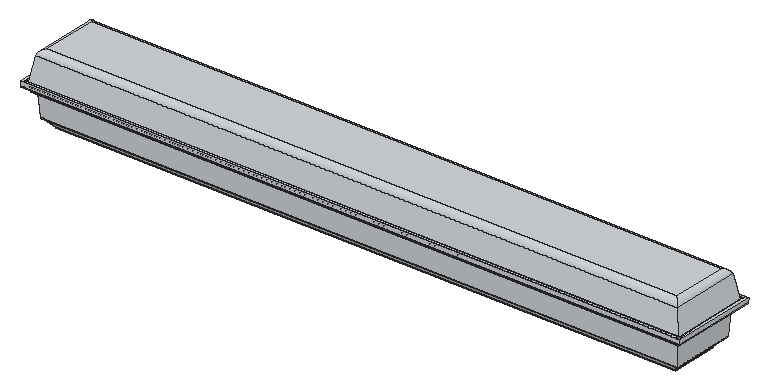
Revit family "Q1", category Lighting Fixtures, host Face, Revit 2025
Family settings
  Host = Face
  Round Connector Dimension = Use Diameter
  Part Type = Normal
  Cut with Voids When Loaded = No
  Light Source = No
  Maintain Annotation Orientation = No
  Shared = No
  Room Calculation Point = No
Parameters (values of type "METALUX 4VT2-LD4-8-DR-UNV-L835-CD1-WL-U")
  Width = 49 13/16"
  URL = "https://www.cooperlighting.com/global/brands/metalux/284381/vt2-led-series/4vt2-ld5-8-dr-unv-l840-cd1-wl-u#BRO"
  Sweep Margin = 3"
  Nominal Width = Width - (Sweep Margin * 2)  # 43 13/16"
  Model = "METALUX 4VT2-LD4-8-DR-UNV-L835-CD1-WL-U"
  Manufacturer = "Cooper Lighting Solutions"
  Height = 6.45575"
  Default Elevation = 48"
  Ballast Voltage = 0 V
  Apparent Power = 0 VA
Reference planes (in)
  plane 1 "Center (Front/Back)": y = 0
  plane 2: z = 0
  plane 3 "Center (Left/Right)": x = 0
  plane 4: y = 0.5
  plane 5: z = 0
  plane 6: x = -19.5047163
  plane 7: x = -16.5268409
  plane 8: y = 0
  plane 9: x = 0
Forms (in)
  Sweep 1, solid, detail levels medium+fine
    path origin (0, -32.2738911, 0) x (1, 0, 0) y (0, 1, 0)
      loop
        line (-21.90625, 32.5238911) -> (-21.90625, 32.0238911) -> (21.90625, 32.0238911) -> (21.90625, 32.5238911) -> (-21.90625, 32.5238911)
    profile origin (0, 0.25, 0) x (0, 1, 0) y (0, 0, 1)
      loop
        line (1.8517777, 2.2280208) -> (0, 2.2280208) -> (0, -2.7744571) -> (0.2770275, -2.7744571) -> (0.5184892, -3.058736) -> (0.5526464, -3.0873973) -> (0.6080021, -3.1002343) -> (1.4023195, -3.1002343)
        arc (1.4023195, -3.1002343) -> (1.4566291, -3.0879562) -> (1.5003753, -3.0535099) r 0.1262521
        line (1.5003753, -3.0535099) -> (1.9422799, -2.5288614) -> (1.977364, -2.5117497)
        arc (1.977364, -2.5117497) -> (2.0626007, -2.4785934) -> (2.1030484, -2.3965652) r 0.1261803
        line (2.1030484, -2.3965652) -> (2.2555141, -0.6536343) -> (2.5283161, -0.6042732) -> (2.5793382, -0.3148419)
        arc (2.5793382, -0.3148419) -> (2.6008914, -0.277474) -> (2.6414339, -0.2627362) r 0.062992
        line (2.6414339, -0.2627362) -> (2.8826411, -0.2627362)
        arc (2.8826411, -0.2627362) -> (2.9252795, -0.2461462) -> (2.9454929, -0.2051013) r 0.0630879
        line (2.9454929, -0.2051013) -> (2.9778753, 0.1681459) -> (2.7854208, 0.1681459)
        arc (2.7854208, 0.1681459) -> (2.7657435, 0.1611198) -> (2.7574287, 0.1419514) r 0.0262523
        line (2.7574287, 0.1419514) -> (2.7574287, 0.110421)
        arc (2.7574287, 0.110421) -> (2.6998587, 0.0475936) -> (2.6322523, 0.0994681) r 0.0630674
        line (2.6322523, 0.0994681) -> (2.3276479, 1.8267446)
        arc (2.3276479, 1.8267446) -> (2.1624608, 2.1136539) -> (1.8517777, 2.2280208) r 0.4856194
  Extrusion 2, solid, detail levels medium+fine
    sketch origin (0, 0, 0) x (1, 0, 0) y (0, 1, 0)
      loop
        line (-23.4066253, 1.7503753) -> (-23.4066253, -1.7503753) -> (23.4066253, -1.7503753) -> (23.4066253, 1.7503753) -> (-23.4066253, 1.7503753)
    from -3.1002343 to 2.2280208
Cuts and joins
  joined: Sweep 1, Extrusion 2
Lines and regions (in)
  symbolic lines
    curve 1: line (-24.90625, 3.2278753, 0) -> (24.90625, 3.2278753, 0)
    curve 2: line (-24.90625, -3.2278753, 0) -> (-24.90625, 3.2278753, 0)
    curve 3: line (24.90625, -3.2278753, 0) -> (-24.90625, -3.2278753, 0)
    curve 4: line (24.90625, 3.2278753, 0) -> (24.90625, -3.2278753, 0)
Dimensions and locks (in)
  Sweep 1 sketch curve to Sweep 1 sketch curve = 1/2"
  equal spacing: Sweep 1 sketch curve, plane 1 "Center (Front/Back)", Sweep 1 sketch curve
  equal spacing: Sweep 1 sketch curve, plane 3 "Center (Left/Right)", Sweep 1 sketch curve
  plane 6 to plane 7 = 2.97788"
  "Nominal Width": Sweep 1 sketch curve to Sweep 1 sketch curve
  cut or joined group of Sweep 1, Extrusion 2 to cut or joined group of Sweep 1, Extrusion 2 = 49.76825"
  "Height": cut or joined group of Sweep 1, Extrusion 2 to cut or joined group of Sweep 1, Extrusion 2
  equal spacing: curve 2, plane 3 "Center (Left/Right)", curve 4
  equal spacing: curve 1, plane 1 "Center (Front/Back)", curve 3
  "Width": curve 2 to curve 4
  "Height": curve 1 to curve 3
  aligned and locked: plane 2 to host face
  aligned and locked: level to host face
  aligned and locked: Sweep 1 to Extrusion 2
  aligned and locked: Extrusion 2 to Sweep 1
  aligned and locked: Extrusion 2 sketch curve to cut or joined group of Sweep 1, Extrusion 2  (x4)
Automatic sketch dimensions
  host sketch curve to host sketch curve = 96"  (x2)
  Sweep 1 sketch curve to profile plane = 0"
  Sweep 1 sketch curve to plane 4 = 0.02703"
  Sweep 1 sketch curve to plane 4 = 0.26849"
  Sweep 1 sketch curve to Sweep 1 sketch curve = 0.03416"
  Sweep 1 sketch curve to Sweep 1 sketch curve = 0.05536"
  Sweep 1 sketch curve to Sweep 1 sketch curve = 0.79432"
  Sweep 1 sketch curve to Sweep 1 sketch curve = 0.09806"
  Sweep 1 sketch curve to plane 4 = 1.59941"
  Sweep 1 sketch curve to Sweep 1 sketch curve = 0.00237"
  Sweep 1 sketch curve to Sweep 1 sketch curve = 0.4419"
  Sweep 1 sketch curve to Sweep 1 sketch curve = 0.03507"
  Sweep 1 sketch curve to Sweep 1 sketch curve = 0.03508"
  Sweep 1 sketch curve to Sweep 1 sketch curve = 0.1257"
  Sweep 1 sketch curve to level = 0.65363"
  Sweep 1 sketch curve to Sweep 1 sketch curve = 0.15247"
  Sweep 1 sketch curve to Sweep 1 sketch curve = 0.47824"
  Sweep 1 sketch curve to level = 0.60427"
  Sweep 1 sketch curve to Sweep 1 sketch curve = 0.2728"
  Sweep 1 sketch curve to level = 0.31484"
  Sweep 1 sketch curve to Sweep 1 sketch curve = 0.05102"
  level to Sweep 1 sketch curve = 0.09947"
  Sweep 1 sketch curve to Sweep 1 sketch curve = 0.05291"
  Sweep 1 sketch curve to Sweep 1 sketch curve = 0.06204"
  Sweep 1 sketch curve to Sweep 1 sketch curve = 0.00005"
  Sweep 1 sketch curve to Sweep 1 sketch curve = 0.06211"
  Sweep 1 sketch curve to Sweep 1 sketch curve = 0.06307"
  Sweep 1 sketch curve to Sweep 1 sketch curve = 0.02625"
  Sweep 1 sketch curve to Sweep 1 sketch curve = 0.00174"
  Sweep 1 sketch curve to Sweep 1 sketch curve = 0.24121"
  Sweep 1 sketch curve to level = 0.2051"
  Sweep 1 sketch curve to Sweep 1 sketch curve = 0.06285"
  level to Sweep 1 sketch curve = 0.16815"
  Sweep 1 sketch curve to Sweep 1 sketch curve = 0.19245"
  Sweep 1 sketch curve to Sweep 1 sketch curve = 1.73194"
  Sweep 1 sketch curve to Sweep 1 sketch curve = 0.011"
  Sweep 1 sketch curve to Sweep 1 sketch curve = 0.01711"
  Sweep 1 sketch curve to Sweep 1 sketch curve = 0.2456"
  Sweep 1 sketch curve to Sweep 1 sketch curve = 0.44512"
  Sweep 1 sketch curve to Sweep 1 sketch curve = 0.07953"
  Sweep 1 sketch curve to Sweep 1 sketch curve = 0.0415"
  Sweep 1 sketch curve to Sweep 1 sketch curve = 0.02866"
  Sweep 1 sketch curve to Sweep 1 sketch curve = 0.01089"
  level to Sweep 1 sketch curve = 1.74241"
  Sweep 1 sketch curve to Sweep 1 sketch curve = 0.08434"
  plane 1 "Center (Front/Back)" to Extrusion 2 sketch curve = 1.75038"
Connectors (in)
  electrical at (0, 1.2233478, -3.1002343), driven by "Ballast Voltage", driven by "Apparent Power"
    settings: on cut or joined group of Sweep 1, Extrusion 2, index 1, voltage 0 V, apparent load 0 VA, apparent load phase1 0 VA, apparent load phase2 0 VA, apparent load phase3 0 VA, power factor 1, load classification "Other", number of poles 1, system type 31, power factor state 1, is connector primary yes, connector utility no, sub classification motor no, connector description ""
